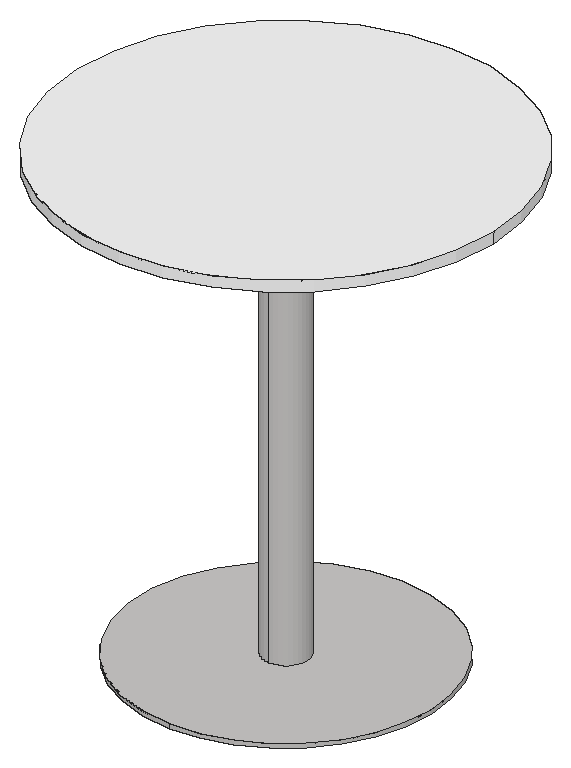
Revit family "Furniture_Table_Spacestor_Massif Breakout Table", category Furniture, Revit 2015
Parameters (values of type "poseur height circular")
  Width [instance] = 1000 mm
  Table Top = Spacestor White Table Top
  Small Base [instance] = not(Large Base)  # no
  Polished Steel = Spacestor Polished Steel
  Large Base [instance] = Width > 999 mm  # yes
  Height = 1100 mm
  Base Height = Height - 25 mm  # 1075 mm
Types (4, lengths in mm): name | Height | Base Height
  (no name) | 1100 | 1075
  coffee height circular | 400 | 375
  poseur height circular | 1100 | 1075
  standard height circular | 720 | 695
Reference planes
  plane 1 "Center (Front/Back)": y = 0
  plane 2: z = 0
  plane 3 "Center (Left/Right)": x = 0
Dimensions and locks
  locked: plane 2 to nested 2
  "Height": nested 1 to plane 2
  aligned and locked: level to plane 2
  aligned and locked: plane 3 "Center (Left/Right)" to nested 1
  aligned and locked: plane 1 "Center (Front/Back)" to nested 1
  aligned and locked: plane 3 "Center (Left/Right)" to nested 2
  aligned and locked: plane 1 "Center (Front/Back)" to nested 2
Nested families
  nested 1: "Small Table Tops" at (0, 0, 1075), type "Circular"
  nested 2: "Furniture_Table_Spacestor_Massif Base" at (0, 0, 0), type "Furniture_Table_Spacestor_Massif Base"
    with Height 1075 mm
Definition of nested family "Small Table Tops"
  Parameters (values of type "Circular")
    Width = 1000 mm
    Table Top = none
    Square Shaped = no
    Depth = 1000 mm
    Circular = yes
    800 Triangle = no
    1200 Triangle = no
  Reference planes
    plane 1 "Center (Front/Back)": y = 0
    plane 2: z = 0
    plane 3 "Center (Left/Right)": x = 0
  Forms (mm)
    Extrusion 1, solid, material <- "Table Top", visible <- "Square Shaped"
      sketch origin (0, 0, 0) x (1, 0, 0) y (0, 1, 0)
        loop
          line (-500, 500) -> (-500, -500) -> (500, -500) -> (500, 500) -> (-500, 500)
      from 0 to 25
    Extrusion 2, solid, material <- "Table Top", visible <- "Circular"
      sketch origin (0, 0, 0) x (1, 0, 0) y (0, 1, 0)
        loop
          circle (0, 0) r 500
      from 0 to 25
    Extrusion 3, solid, material <- "Table Top", visible <- "800 Triangle"
      sketch origin (0, 0, 0) x (1, 0, 0) y (0, 1, 0)
        loop
          arc (-400, -230.94) -> (0, -338.12) -> (400, -230.94) r 800
          arc (400, -230.94) -> (292.82, 169.06) -> (0, 461.88) r 800
          arc (0, 461.88) -> (-292.82, 169.06) -> (-400, -230.94) r 800
      from 0 to 25
    Extrusion 4, solid, material <- "Table Top", visible <- "1200 Triangle"
      sketch origin (0, 0, 0) x (1, 0, 0) y (0, 1, 0)
        loop
          arc (-600, -346.41) -> (0, -507.18) -> (600, -346.41) r 1200
          arc (600, -346.41) -> (439.23, 253.59) -> (0, 692.82) r 1200
          arc (0, 692.82) -> (-439.23, 253.59) -> (-600, -346.41) r 1200
      from 0 to 25
  Dimensions and locks
    equal spacing: Extrusion 1 sketch curve, plane 3 "Center (Left/Right)", Extrusion 1 sketch curve
    equal spacing: Extrusion 1 sketch curve, plane 1 "Center (Front/Back)", Extrusion 1 sketch curve
    "Width": Extrusion 1 sketch curve to Extrusion 1 sketch curve
    "Depth": Extrusion 1 sketch curve to Extrusion 1 sketch curve
    locked: Extrusion 2 sketch curve to plane 3 "Center (Left/Right)"
    locked: Extrusion 2 sketch curve to plane 1 "Center (Front/Back)"
    "Width": diameter of Extrusion 2 sketch curve
    aligned and locked: level to plane 2
  Automatic sketch dimensions
    Extrusion 3 sketch curve to plane 3 "Center (Left/Right)" = 0 mm  (x2)
    Extrusion 3 sketch curve to Extrusion 3 sketch curve = 0 mm  (x2)
    plane 1 "Center (Front/Back)" to Extrusion 3 sketch curve = 230.94 mm  (x2)
    Extrusion 3 sketch curve to plane 3 "Center (Left/Right)" = 400 mm
    Extrusion 4 sketch curve to plane 3 "Center (Left/Right)" = 0 mm  (x2)
    plane 1 "Center (Front/Back)" to Extrusion 4 sketch curve = 346.41 mm
    Extrusion 4 sketch curve to Extrusion 4 sketch curve = 0 mm
    Extrusion 4 sketch curve to plane 3 "Center (Left/Right)" = 600 mm
    plane 3 "Center (Left/Right)" to Extrusion 4 sketch curve = 600 mm
    Extrusion 4 sketch curve to plane 1 "Center (Front/Back)" = 692.82 mm
Definition of nested family "Furniture_Table_Spacestor_Massif Base"
  Parameters (values of type "Furniture_Table_Spacestor_Massif Base")
    Width = 0 mm
    WarrantyStartDate = ""
    WarrantyDescription = ""
    URL = "http://spacestor.uk.com/"
    Table Top Finish = none
    Small Base = no
    SerialNumber = ""
    ModelNumber = ""
    Model = ""
    Manufacturer = "Spacestor"
    Length = 0 mm
    Leg Finish = none
    Large Base = yes
    Height = 600 mm
    Fabric Finish = none
    ExpectedLife = ""
    Diameter = 1200 mm
    Description = ""
    Category = ""
    BarCode = ""
    Author = "http://www.YourCad.co.uk"
    AssetType = ""
    AssetIdentifier = ""
    Assembly Code = "E2020200"
  Reference planes
    plane 1 "Center (Front/Back)": y = 0
    plane 2: z = 0
    plane 3 "Center (Left/Right)": x = 0
  Forms (mm)
    Extrusion 1, solid, material <- "Leg Finish", visible <- "Small Base"
      sketch origin (0, 0, 8) x (1, 0, 0) y (0, -1, 0)
        loop
          circle (0, -210) r 20
        loop
          circle (0, 210) r 20
        loop
          circle (210, 0) r 20
        loop
          circle (-210, 0) r 20
      from 0 to 8
    Extrusion 2, solid, material <- "Leg Finish", visible <- "Large Base"
      sketch origin (0, 0, 18) x (0, -1, 0) y (1, 0, 0)
        loop
          circle (0, 0) r 350
      from 0 to -10
    Extrusion 3, solid, material <- "Leg Finish", visible <- "Large Base"
      sketch origin (0, 0, 8) x (1, 0, 0) y (0, -1, 0)
        loop
          circle (0, 310) r 20
        loop
          circle (-310, 0) r 20
        loop
          circle (310, 0) r 20
        loop
          circle (0, -310) r 20
      from 0 to 8
    Extrusion 4, solid, material <- "Leg Finish", visible <- "Large Base"
      sketch origin (0, 0, 18) x (0, -1, 0) y (1, 0, 0)
        loop
          circle (0, 0) r 50
      from 0 to 562
    Extrusion 5, solid, material <- "Leg Finish", visible <- "Large Base"
      sketch origin (0, 0, 800) x (0, -1, 0) y (1, 0, 0)
        loop
          line (-30, 400) -> (-30, 30) -> (-400, 30) -> (-400, -30) -> (-30, -30) -> (-30, -400) -> (30, -400) -> (30, -30) -> (400, -30) -> (400, 30) -> (30, 30) -> (30, 400) -> (-30, 400)
      from -200 to -220
    Extrusion 6, solid, material <- "Leg Finish", visible <- "Small Base"
      sketch origin (0, 0, 18) x (0, -1, 0) y (1, 0, 0)
        loop
          circle (0, 0) r 250
      from 0 to -10
    Extrusion 7, solid, material <- "Leg Finish", visible <- "Small Base"
      sketch origin (0, 0, 8) x (1, 0, 0) y (0, -1, 0)
        loop
          circle (-210, 0) r 20
        loop
          circle (0, 210) r 20
        loop
          circle (210, 0) r 20
        loop
          circle (0, -210) r 20
      from 0 to 8
    Extrusion 8, solid, material <- "Leg Finish", visible <- "Small Base"
      sketch origin (0, 0, 18) x (0, -1, 0) y (1, 0, 0)
        loop
          circle (0, 0) r 38
      from 0 to 562
    Extrusion 9, solid, material <- "Leg Finish", visible <- "Small Base"
      sketch origin (0, 0, 600) x (0, -1, 0) y (1, 0, 0)
        loop
          line (-30, -194.228) -> (30, -194.228) -> (30, -30) -> (185.772, -30) -> (185.772, 30) -> (30, 30) -> (30, 185.772) -> (-30, 185.772) -> (-30, 30) -> (-194.228, 30) -> (-194.228, -30) -> (-30, -30) -> (-30, -194.228)
      from 0 to -20
  Cuts and joins
    joined: Extrusion 2, Extrusion 3, Extrusion 4, Extrusion 5
    joined: Extrusion 6, Extrusion 7, Extrusion 8, Extrusion 9
  Dimensions and locks
    "Height": Extrusion 5 to plane 2
    locked: Extrusion 5 to Extrusion 5 at 20
    Extrusion 9 to Extrusion 9 = 20 mm
    locked: Extrusion 8 to Extrusion 9
    aligned and locked: level to plane 2
    aligned and locked: Extrusion 1 to level
    aligned and locked: Extrusion 3 to level
    aligned and locked: Extrusion 4 to Extrusion 5
    aligned and locked: Extrusion 7 to level
    aligned and locked: cut or joined group of Extrusion 2, Extrusion 3, Extrusion 4, Extrusion 5 to Extrusion 9
  Automatic sketch dimensions
    Extrusion 1 sketch curve to Extrusion 1 sketch curve = 0 mm  (x8)
    plane 1 "Center (Front/Back)" to Extrusion 1 sketch curve = 0 mm  (x2)
    Extrusion 1 sketch curve to plane 3 "Center (Left/Right)" = 0 mm  (x2)
    Extrusion 1 sketch curve to plane 3 "Center (Left/Right)" = 210 mm
    plane 3 "Center (Left/Right)" to Extrusion 1 sketch curve = 210 mm
    plane 1 "Center (Front/Back)" to Extrusion 1 sketch curve = 210 mm
    Extrusion 1 sketch curve to plane 1 "Center (Front/Back)" = 210 mm
    Extrusion 1 sketch curve to Extrusion 1 sketch curve = 20 mm  (x4)
    Extrusion 2 sketch curve to Extrusion 2 sketch curve = 0 mm  (x2)
    Extrusion 2 sketch curve to plane 3 "Center (Left/Right)" = 0 mm
    plane 1 "Center (Front/Back)" to Extrusion 2 sketch curve = 0 mm
    Extrusion 2 sketch curve to plane 1 "Center (Front/Back)" = 350 mm
    Extrusion 3 sketch curve to Extrusion 3 sketch curve = 0 mm  (x8)
    Extrusion 3 sketch curve to Extrusion 3 sketch curve = 310 mm  (x6)
    Extrusion 3 sketch curve to Extrusion 3 sketch curve = 20 mm  (x4)
    plane 3 "Center (Left/Right)" to Extrusion 5 sketch curve = 30 mm  (x2)
    Extrusion 5 sketch curve to plane 1 "Center (Front/Back)" = 400 mm
    Extrusion 5 sketch curve to plane 1 "Center (Front/Back)" = 30 mm  (x2)
    plane 1 "Center (Front/Back)" to Extrusion 5 sketch curve = 30 mm  (x2)
    Extrusion 5 sketch curve to Extrusion 5 sketch curve = 370 mm  (x3)
    Extrusion 5 sketch curve to plane 3 "Center (Left/Right)" = 30 mm  (x2)
    Extrusion 7 sketch curve to Extrusion 7 sketch curve = 20 mm  (x4)
    Extrusion 7 sketch curve to Extrusion 7 sketch curve = 210 mm  (x4)
    Extrusion 7 sketch curve to Extrusion 7 sketch curve = 190 mm  (x2)
    Extrusion 7 sketch curve to Extrusion 7 sketch curve = 0 mm  (x8)
    Extrusion 9 sketch curve to Extrusion 5 = 0 mm  (x6)
    Extrusion 5 to Extrusion 9 sketch curve = 0 mm  (x2)
    Extrusion 9 sketch curve to Extrusion 9 sketch curve = 164.228 mm
    Extrusion 9 sketch curve to Extrusion 9 sketch curve = 155.772 mm
    Extrusion 5 to Extrusion 9 sketch curve = 164.228 mm
    Extrusion 5 to Extrusion 9 sketch curve = 155.772 mm
    radius of Extrusion 4 sketch curve to Extrusion 2 = 300 mm
    radius of Extrusion 6 sketch curve to Extrusion 2 = 100 mm
    radius of Extrusion 8 sketch curve to Extrusion 6 = 212 mm
